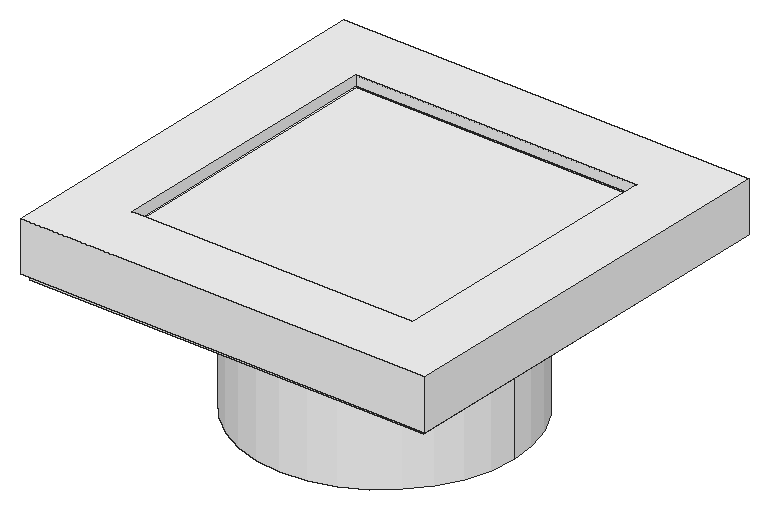
Revit family "Gira_283203", category Electrical Fixtures, host Face, Revit 2017
Family settings
  Host = Face
  Maintain Annotation Orientation = Yes
  Round Connector Dimension = Use Diameter
  Part Type = Normal
  Cut with Voids When Loaded = No
  Shared = No
  Room Calculation Point = No
Parameters (values of type "Wippschalter 3f Wechselsch. System 55 Reinweiß")
  Zusammenstellung = "Basiselement mit Adapterplatte"
  White [instance] = White
  Werkstoffgüte = "sonstige"
  Werkstoff = "sonstige"
  Waschmaschinenschalter = "No"
  URL = "http://katalog.gira.de/de_DE/datenblatt.html?artikelnr=283203"
  Textfeld/Beschriftungsfläche = "nein"
  Tastschalter = "No"
  Schaltungsart = "Wechselschalter"
  Rückmeldekontakt = "No"
  Region = "DE"
  RAL-Nummer (ähnlich) = "9010 "
  Oberfläche = "sonstige"
  Nennspannung = "250 Volt"
  Name = "Wippschalter 3f Wechselsch. System 55 Reinweiß"
  Montageart = "unter Putz"
  Model = "Sys55_Komplettgerät_Schalten und Tasten"
  Mit Montageplatte = "No"
  Manufacturer URL = "https://www.gira.de/"
  HeinzeBIM = "https://bimportal.heinze.de/bim/wippschalter-3f-wechselsch-system-55-reinweiss/75b00e0e15dc097ef7b5bfa18d5213be7fbe01ae"
  Halogenfrei = "Yes"
  HAN = "283203"
  Geeignet für Schutzart (IP) = "IP20"
  GTIN = "4010337832034"
  Farbe = "weiß"
  Default Elevation = 1219.2 mm
  Data sheet (1) = "https://katalog.gira.de/de_DE/download.html?artikelnr=283203"
  Category = "Installationsschalter"
  Bemessungsstrom = "10 Ampere"
  Beleuchtung = "nein"
  Befestigungsart = "Schraubbefestigung"
  Bedienungsart = "Wippe/Taste"
  Available = "Yes"
  Anzahl der Module (bei Modulbauweise) = "1 "
  Anzahl der Betätigungswippen = "3 "
  Anschlussart = "Schraubklemme"
Reference planes
  plane 1 "Center (Front/Back)": y = 0
  plane 2: z = 0
  plane 3 "Center (Left/Right)": x = 0
Forms (mm)
  Extrusion 1, solid, material "White" <- "White", detail levels medium
    sketch origin (0, 0, 0) x (1, 0, 0) y (0, 1, 0)
      loop
        line (-40.4, 40.4) -> (-40.4, -40.4) -> (40.4, -40.4) -> (40.4, 40.4) -> (-40.4, 40.4)
      loop
        line (-28, 28) -> (-28, -28) -> (28, -28) -> (28, 28) -> (-28, 28)
    from 0 to 10
  Extrusion 2, solid, material "White" <- "White", detail levels fine
    sketch origin (0, 0, 0) x (1, 0, 0) y (0, 1, 0)
      loop
        line (-40.4, 40.4) -> (-40.4, -40.4) -> (40.4, -40.4) -> (40.4, 40.4) -> (-40.4, 40.4)
      loop
        line (-28, 28) -> (-28, -28) -> (28, -28) -> (28, 28) -> (-28, 28)
    from 0 to 10
  Extrusion 3, void
    sketch origin (0, 0, 0) x (1, 0, 0) y (0, 1, 0)
      loop
        line (-38.4, 38.4) -> (-38.4, -38.4) -> (38.4, -38.4) -> (38.4, 38.4) -> (-38.4, 38.4)
    from 0 to 8
  Extrusion 4, solid, material "White" <- "White", detail levels medium+fine
    sketch origin (0, 0, 0) x (1, 0, 0) y (0, 1, 0)
      loop
        line (-39.4, 39.4) -> (-39.4, -39.4) -> (39.4, -39.4) -> (39.4, 39.4) -> (-39.4, 39.4)
    from 0 to -1
  Extrusion 5, solid, material "White" <- "White", detail levels medium+fine
    sketch origin (0, 0, 0) x (1, 0, 0) y (0, 1, 0)
      loop
        line (-35.5, 35.5) -> (-35.5, -35.5) -> (35.5, -35.5) -> (35.5, 35.5) -> (-35.5, 35.5)
    from -2 to -3
  Extrusion 6, solid, material "White" <- "White", detail levels medium+fine
    sketch origin (0, 0, 0) x (1, 0, 0) y (0, 1, 0)
      loop
        circle (0, 0) r 26
    from 0 to -27.5
  Extrusion 7, solid, material "White" <- "White", detail levels coarse
    sketch origin (0, 0, 0) x (1, 0, 0) y (0, 1, 0)
      loop
        line (-40.4, 40.4) -> (-40.4, -40.4) -> (40.4, -40.4) -> (40.4, 40.4) -> (-40.4, 40.4)
    from -27.5 to 10
Cuts and joins
  Extrusion 3 cuts Extrusion 2
Dimensions and locks
  aligned and locked: plane 2 to host face
  aligned and locked: level to host face
  aligned and locked: plane 3 "Center (Left/Right)" to nested 2
  aligned and locked: plane 1 "Center (Front/Back)" to nested 2
Nested families
  nested 1: "Sys55_Abdeckung_Schalten und Tasten_floor_base" at (0, 0, 0), type "Sys55_Abdeckung_Schalten und Tasten_floor_base"
  nested 2: "Schalter" at (0, 0, 0), type "Schalter"
Connectors
  electrical at (0, 0, -27.5)
    settings: on Extrusion 6, index 1, voltage 220 V, apparent load 0 VA, apparent load phase1 0 VA, apparent load phase2 0 VA, apparent load phase3 0 VA, power factor 1, load classification "Other", number of poles 1, system type 30, power factor state 1, is connector primary yes, connector utility no, sub classification motor no, connector description ""
Definition of nested family "Sys55_Abdeckung_Schalten und Tasten_floor_base"
  Parameters
    Default Elevation = 1219.2 mm
    White [instance] = none
  Reference planes
    plane 1 "Center (Front/Back)": y = 0
    plane 2: z = 0
    plane 3 "Center (Left/Right)": x = 0
  Forms (mm)
    Extrusion 1, solid
      sketch origin (0, 0, 0) x (1, 0, 0) y (0, 1, 0)
        loop
          line (-1219.2, 1219.2) -> (-1219.2, -1219.2) -> (1219.2, -1219.2) -> (1219.2, 1219.2) -> (-1219.2, 1219.2)
      from 0 to -304.8
    Extrusion 2, solid, material <- "White", detail levels fine
      sketch origin (0, 0, 0) x (1, 0, 0) y (0, 1, 0)
        loop
          line (-27.5, 27.5) -> (-27.5, -27.5) -> (27.5, -27.5) -> (27.5, 27.5) -> (-27.5, 27.5)
      from 0 to 8
    Extrusion 3, void
      sketch origin (0, 0, 0) x (1, 0, 0) y (0, 1, 0)
        loop
          line (26, 26) -> (-26, 26) -> (-26, -26) -> (26, -26) -> (26, 26)
      from 0 to 6
    Extrusion 4, solid, material <- "White", detail levels medium
      sketch origin (0, 0, 0) x (1, 0, 0) y (0, 1, 0)
        loop
          line (-27.5, 27.5) -> (-27.5, -27.5) -> (27.5, -27.5) -> (27.5, 27.5) -> (-27.5, 27.5)
      from 0 to 8
    Extrusion 5, solid, material <- "White", detail levels medium
      sketch origin (0, 0, 0) x (1, 0, 0) y (0, 1, 0)
        loop
          line (11, -17.5) -> (11, 17.5) -> (-11, 17.5) -> (-11, -17.5) -> (11, -17.5)
      from -6 to 6
    Extrusion 6, solid, material <- "White", detail levels fine
      sketch origin (0, 0, 0) x (1, 0, 0) y (0, 1, 0)
        loop
          line (11, 17.5) -> (-11, 17.5) -> (-11, 16.5) -> (11, 16.5) -> (11, 17.5)
        loop
          line (-11, -16.5) -> (-11, -17.5) -> (11, -17.5) -> (11, -16.5) -> (-11, -16.5)
      from -4 to 6
    Extrusion 7, solid, material <- "White", detail levels fine
      sketch origin (0, 0, 0) x (1, 0, 0) y (0, 1, 0)
        loop
          arc (5, 9.347) -> (0, 10.6) -> (-5, 9.347) r 10.6
          line (-5, 9.347) -> (-5, -9.347)
          arc (-5, -9.347) -> (0, -10.6) -> (5, -9.347) r 10.6
          line (5, -9.347) -> (5, 9.347)
      from -6 to 6
    Extrusion 8, solid, material <- "White", detail levels coarse
      sketch origin (0, 0, 0) x (1, 0, 0) y (0, 1, 0)
        loop
          line (-27.5, 27.5) -> (-27.5, -27.5) -> (27.5, -27.5) -> (27.5, 27.5) -> (-27.5, 27.5)
      from -6 to 8
  Cuts and joins
    Extrusion 3 cuts Extrusion 2
  Dimensions and locks
    aligned and locked: plane 2 to Extrusion 1
    aligned and locked: level to Extrusion 1
Definition of nested family "Schalter"
  Reference planes
    plane 1: y = 0
    plane 2: x = 0
  Lines and regions (mm)
    detail lines
      curve 1: circle (1.375, 2.778, 0) r 0.8 normal (0, 0, 1)
      curve 2: line (1.021, 2.061, 0) -> (0, 0, 0)
      curve 3: line (0, 0, 0) -> (-0.538, 0.266, 0)
  Dimensions and locks
    curve 2 to curve 2 = 2.3 mm
    curve 3 to curve 2 = 0.6 mm
    radius of curve 1 = 0.8 mm
